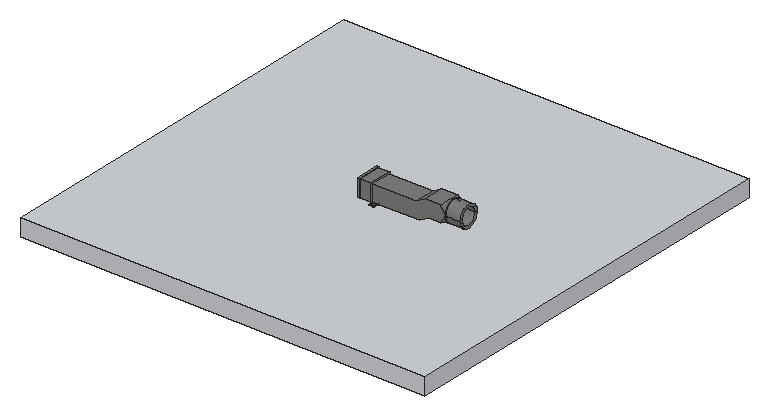
Revit family
Parameters (values of type "24"")
  x = 14.000"
  URL = "WWW.MIFAB.COM"
  Roof Drain = Roof Drain
  R1 = Pipe Radius / 1.17  # 1.7094"
  Pipe Radius = 2.000"
  Pipe Diameter = Pipe Radius * 2  # 4.000"
  Model = "R1510-18"
  Manufacturer = "MIFAB"
  Description = "5” x 4” RECTANGULAR DOWNSPOUT BOOT"
  Default Elevation = 48.000"
  Body Height = 24.000"
Types (4): name | x | Model | Body Height
  (no name) | 14.000" | "R1510-18" | 24.000"
  12" | 4.500" | "R1510-12" | 12.000"
  18" | 10.000" | "R1510-18" | 18.000"
  24" | 14.000" | "R1510-18" | 24.000"
Reference planes (in)
  plane 1 "Center (Front/Back)": y = 0
  plane 2: z = 0
  plane 3 "Center (Left/Right)": x = 0
  plane 4: z = -4.00327
  plane 5: x = -4
  plane 6: x = 20
  plane 7: z = 2
  plane 8: z = 3.2405
  plane 9: y = 3.3
  plane 10: y = -3.3
  plane 11: y = -3.8
  plane 12: y = 3.8
  plane 13: x = -0.625
  plane 14: x = 0.625
  plane 15: z = 3.6
  plane 16: z = 0.4
  plane 17: x = 16.5
  plane 18: z = 0.106
  plane 19: z = 5.706
  plane 20: y = 2.1
  plane 21: y = -2.1
  plane 22: x = 10
  plane 23: x = 15.5
Forms (in)
  Extrusion 1, solid
    sketch origin (0, 0, 0) x (1, 0, 0) y (0, 1, 0)
      loop
        line (-48, 48) -> (-48, -48) -> (48, -48) -> (48, 48) -> (-48, 48)
    from 0 to -4
  Sweep 2, solid, material "Roof Drain" <- "Roof Drain"
    path origin (-0.05129, 0, 0) x (1, 0, 0) y (0, 0, 1)
      loop
        line (-3.94871, 2) -> (10, 2) -> (12.28978, 3.2405) -> (15.55129, 3.2405)
    profile origin (2.97435, 0, 2) x (0, 0, 1) y (0, -1, 0)
      loop
        line (1.6, -2.1) -> (1.6, 2.1) -> (-1.6, 2.1) -> (-1.6, -2.1) -> (1.6, -2.1)
      loop
        line (-1.894, -2.494) -> (1.894, -2.494) -> (1.894, 2.494) -> (-1.894, 2.494) -> (-1.894, -2.494)
  Extrusion 3, solid, material "Roof Drain" <- "Roof Drain"
    sketch origin (0, 0, 0) x (1, 0, 0) y (0, 1, 0)
      loop
        line (-0.625, 3.8) -> (-0.625, 2.55871) -> (-0.46008, 2.55871) -> (-0.46008, -2.55871) -> (-0.625, -2.55871) -> (-0.625, -3.8) -> (0.625, -3.8) -> (0.625, -2.55871) -> (0.46008, -2.55871) -> (0.46008, 2.55871) -> (0.625, 2.55871) -> (0.625, 3.8) -> (-0.625, 3.8)
      loop
        circle (0, 3.3) r 0.3125
      loop
        circle (0, -3.3) r 0.3125
    from 0 to 0.106
  Extrusion 4, solid, material "Roof Drain" <- "Roof Drain"
    sketch origin (0, 0, 0) x (0, 1, 0) y (0, 0, 1)
      loop
        circle (0, 3.2405) r 2
      loop
        circle (0, 3.2405) r 2.494
    from 20 to 16.5
  Blend 5, solid, material "Roof Drain" <- "Roof Drain"
    base sketch origin (0, 0, 0) x (0, 1, 0) y (0, 0, 1)
      loop
        circle (0, 3.2405) r 2.494
    top sketch origin (0, 0, 0) x (0, 1, 0) y (0, 0, 1)
      loop
        line (2.494, 5.1345) -> (-2.494, 5.1345) -> (-2.494, 1.3465) -> (2.494, 1.3465) -> (2.494, 5.1345)
    from 16.5 to 15.5
  Sweep 6, solid, material "Roof Drain" <- "Roof Drain"
    path origin (0, 0, 0) x (0, 1, 0) y (0, 0, 1)
      loop
        line (2.494, 0.106) -> (2.494, 3.894) -> (-2.494, 3.894) -> (-2.494, 0.106)
    profile origin (0, 2.494, 2) x (0, -1, 0) y (1, 0, 0)
      loop
        line (0, -4) -> (0, -0.9375) -> (-0.1935, -0.9375) -> (-0.1935, -3.62843) -> (-0.3185, -3.62843) -> (-0.3185, -4) -> (0, -4)
Cuts and joins
  joined: Sweep 2, Blend 5, Sweep 6
Dimensions and locks (in)
  plane 3 "Center (Left/Right)" to plane 5 = 4.000"
  "Body Height": plane 6 to plane 5
  equal spacing: plane 9, plane 1 "Center (Front/Back)", plane 10
  plane 9 to plane 10 = 6.600"
  locked: plane 12 to plane 9 at 0.5
  locked: plane 10 to plane 11 at 0.5
  equal spacing: plane 13, plane 3 "Center (Left/Right)", plane 14
  plane 13 to plane 14 = 1.250"
  plane 16 to plane 15 = 3.200"
  plane 19 to plane 18 = 5.600"
  plane 6 to plane 17 to plane 23 = 3.500" locked, 1.000" locked
  equal spacing: plane 16, plane 7, plane 15
  equal spacing: plane 20, plane 1 "Center (Front/Back)", plane 21
  plane 20 to plane 21 = 4.200"
  locked: plane 15 to Sweep 2 sketch curve at 0.294
  locked: Sweep 2 sketch curve to plane 16 at 0.294
  locked: plane 21 to Sweep 2 sketch curve at 0.394
  locked: Sweep 2 sketch curve to plane 20 at 0.394
  "x": plane 22 to plane 5
  aligned and locked: plane 2 to Extrusion 1
  aligned and locked: level to Extrusion 1
  aligned and locked: Sweep 2 sketch curve to plane 8
  aligned and locked: Sweep 2 sketch curve to plane 7
  aligned and locked: plane 12 to Extrusion 3 sketch curve
  aligned and locked: plane 14 to Extrusion 3 sketch curve
  aligned and locked: Extrusion 3 sketch curve to plane 14
  aligned and locked: Extrusion 3 sketch curve to plane 13
  aligned and locked: plane 13 to Extrusion 3 sketch curve
  aligned and locked: Extrusion 3 sketch curve to plane 11
  aligned and locked: plane 9 to Extrusion 3 sketch curve
  aligned and locked: plane 3 "Center (Left/Right)" to Extrusion 3 sketch curve  (x2)
  aligned and locked: plane 10 to Extrusion 3 sketch curve
  aligned and locked: Sweep 2 sketch curve to plane 16
  aligned and locked: plane 15 to Sweep 2 sketch curve
  aligned: Sweep 2 to Extrusion 3
  aligned and locked: Extrusion 3 to Sweep 2
  aligned: Sweep 2 to Extrusion 4
  aligned and locked: plane 6 to Extrusion 4
  aligned and locked: Blend 5 sketch curve to Sweep 2  (x3)
  aligned and locked: Sweep 2 to Blend 5 sketch curve
  aligned: Blend 5 to Sweep 2
  aligned and locked: plane 17 to Blend 5
  aligned and locked: Extrusion 4 to plane 17
  aligned and locked: Sweep 2 sketch curve to plane 20
  aligned and locked: plane 21 to Sweep 2 sketch curve
  aligned and locked: cut or joined group of Sweep 2, Blend 5, Sweep 6 to plane 23
  aligned and locked: plane 23 to Sweep 2
  aligned and locked: plane 5 to Sweep 2 sketch curve
Automatic sketch dimensions
  Extrusion 1 sketch curve to Extrusion 1 sketch curve = 96.000"  (x2)
  Extrusion 3 sketch curve to Extrusion 3 sketch curve = 0.16492"
  plane 14 to Extrusion 3 sketch curve = 0.16492"
  plane 10 to Extrusion 3 sketch curve = 0.74129"
  Extrusion 3 sketch curve to Extrusion 3 sketch curve = 0.000"
  plane 9 to Extrusion 3 sketch curve = 0.74129"  (x2)
  Extrusion 4 sketch curve to Extrusion 4 sketch curve = 0.000"  (x2)
  Extrusion 4 sketch curve to plane 1 "Center (Front/Back)" = 0.000"
  Extrusion 4 sketch curve to plane 8 = 0.000"
  Blend 5 sketch curve to plane 1 "Center (Front/Back)" = 0.000"
  Blend 5 sketch curve to plane 8 = 0.000"
  Sweep 6 sketch curve to plane 18 = 0.000"  (x2)
  plane 21 to Sweep 6 sketch curve = 0.394"
  plane 20 to Sweep 6 sketch curve = 0.394"
  Sweep 6 sketch curve to plane 15 = 0.294"
  plane 22 to Sweep 2 sketch curve = 2.23849"
  Sweep 2 sketch curve to plane 17 = 1.000"
  Sweep 2 sketch curve to plane 22 = 0.05129"
  Sweep 6 sketch curve to profile plane = 0.000"
  Sweep 6 sketch curve to Sweep 6 sketch curve = 0.1935"
  Sweep 6 sketch curve to Sweep 6 sketch curve = 0.125"
  Sweep 6 sketch curve to plane 3 "Center (Left/Right)" = 4.000"
  Sweep 6 sketch curve to Sweep 6 sketch curve = 0.37157"
  Sweep 6 sketch curve to plane 3 "Center (Left/Right)" = 0.9375"
  radius of Extrusion 3 sketch curve = 0.3125"  (x2)
  radius of Extrusion 4 sketch curve = 2.000"
  radius of Extrusion 4 sketch curve = 2.494"
  radius of Blend 5 sketch curve = 2.494"
Connectors (in)
  piping at (20, 0, 3.2405), driven by "Pipe Radius"
    settings: on cut or joined group of Sweep 2, Blend 5, Sweep 6, index 1, connector radius 2", flow factor 0, pipe flow 0 GPM, pressure drop 0.00 psi, fitting loss kfactor 0, connector angle 0.00°, fixture units 0, flow configuration 0, flow direction 0, fitting loss method 0, system type 16, connector reference index -1, connector utility 0, adjustable connector no, is connector primary yes, fitting loss table "", connector description ""
  piping at (20, 0, 3.2405), driven by "Pipe Radius"
    settings: on Extrusion 4, index 2, connector radius 2", flow factor 0, pipe flow 0 GPM, pressure drop 0.00 psi, fitting loss kfactor 0, connector angle 0.00°, fixture units 0, flow configuration 0, flow direction 0, fitting loss method 0, system type 16, connector reference index -1, connector utility 0, adjustable connector no, is connector primary no, fitting loss table "", connector description ""
